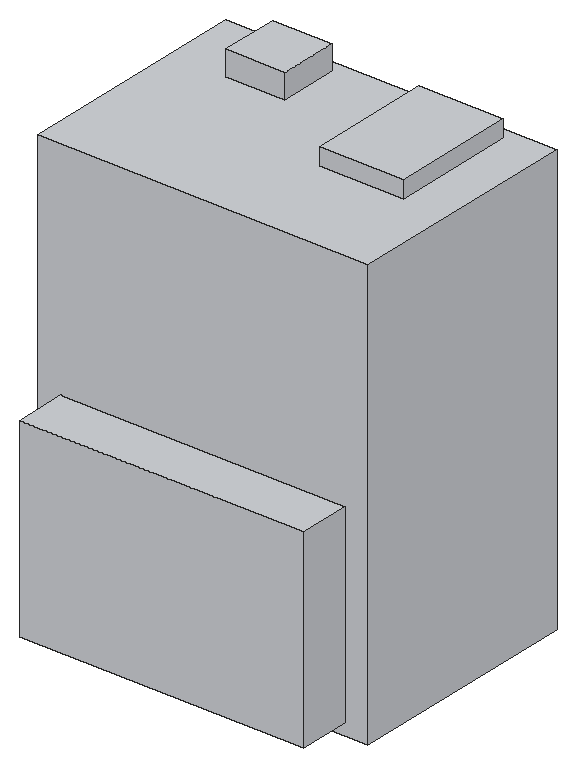
Revit family "2a212fdd4a4c4e039c102d63cd87ac6d", category Mechanical Equipment, Revit 2021
Family settings
  Round Connector Dimension = Use Radius
  Part Type = Normal
  OmniClass Number = 23.75.70.17.27
  OmniClass Title = Fan Coil Units
  Seek Item ID = Fan Coil Unit - Vertical - Belt Drive - DX-0000-USA-ENU
  Work Plane-Based = No
  Always vertical = Yes
  Cut with Voids When Loaded = No
  Shared = No
  Room Calculation Point = No
Parameters (values of type "600 CFM")
  Voltage = 120 V
  Unit Width = 1' - 8"
  Unit Length = 2' - 4 1/16"
  Unit Height = 3' - 0 1/2"
  Total Cooling Capacity = 19500 Btu/h
  Supply Air Width = 7 1/8"
  Supply Air Height = 10 9/16"
  Sensible Cooling Capacity = 14500 Btu/h
  Return Air Width = 24 1/16"
  Return Air Height = 16 7/16"
  Refrigerant Return Radius = 3/4"
  Refrigerant Return Diameter = Refrigerant Return Radius * 2  # 1 1/2"
  Number of Poles = 1
  Nominal Air Flow [instance] = 600 CFM
  Load Classification = Cooling
  Heating Water Pressure Drop [instance] = 0.00 psi
  Heating Water Flow [instance] = 2 GPM
  Heating Capacity = 46900 Btu/h
  External Static Pressure [instance] = 0.30 in-wg
  Refrigerant Supply Radius = 3/4"
  Refrigerant Pressure Drop [instance] = 11.30 psi
  Refrigerant Supply Diameter = Refrigerant Supply Radius * 2  # 1 1/2"
  Drain Flow [instance] = 0 GPM
  Default Elevation = 0' - 0"
  CFU Material = none
  C6 Offset 1 = 0' - 3 3/4"
  C4 Offset 2 = 0' - 7"
  C4 Offset 1 = 1' - 3 1/2"
  C3 Offset 2 = 0' - 3 1/2"
  C3 Offset 1 = 0' - 7"
  C2 Offset 2 = 1' - 0 3/4"
  C1 Offset 2 = 0' - 6 1/8"
  C1 Offset 1 = 0' - 5 15/16"
  Assembly Code = ""
  Apparent Load = 3413 VA
Types (8): name | Voltage | Unit Width | Unit Length | Unit Height | Total Cooling Capacity | Supply Air Width | Supply Air Height | Sensible Cooling Capacity | Return Air Width | Return Air Height | Refrigerant Return Radius | Refrigerant Return Diameter | Number of Poles | Nominal Air Flow | Heating Water Flow | Heating Capacity | Refrigerant Supply Radius | Refrigerant Pressure Drop | Refrigerant Supply Diameter | CFU Material | C6 Offset 1 | C4 Offset 2 | C4 Offset 1 | C3 Offset 2 | C3 Offset 1 | C2 Offset 2 | C1 Offset 2 | Apparent Load
  600 CFM | 120 V | 1' - 8" | 2' - 4 1/16" | 3' - 0 1/2" | 19500 Btu/h | 7 1/8" | 10 9/16" | 14500 Btu/h | 24 1/16" | 16 7/16" | 3/4" | 1 1/2" | 1 | 600 CFM | 2 GPM | 46900 Btu/h | 3/4" | 11.30 psi | 1 1/2" | none | 0' - 3 3/4" | 0' - 7" | 1' - 3 1/2" | 0' - 3 1/2" | 0' - 7" | 1' - 0 3/4" | 0' - 6 1/8" | 3413 VA
  800 CFM | 120 V | 1' - 8" | 2' - 4 1/16" | 3' - 0 1/2" | 24900 Btu/h | 8 9/16" | 10 9/16" | 18600 Btu/h | 24 1/16" | 16 7/16" | 3/4" | 1 1/2" | 1 | 800 CFM | 2 GPM | 46900 Btu/h | 3/4" | 20.10 psi | 1 1/2" | none | 0' - 3 3/4" | 0' - 7" | 1' - 3 1/2" | 0' - 3 1/2" | 0' - 7" | 1' - 0 3/4" | 0' - 6 1/8" | 3413 VA
  1000 CFM | 120 V | 1' - 10" | 3' - 1 1/16" | 3' - 3 3/8" | 34600 Btu/h | 7 1/2" | 11 11/16" | 24900 Btu/h | 33 1/16" | 18 3/16" | 3/4" | 1 1/2" | 1 | 1000 CFM | 2 GPM | 46900 Btu/h | 3/4" | 35.80 psi | 1 1/2" | none | 0' - 5 1/2" | 0' - 7" | 1' - 5 1/8" | 0' - 5 1/8" | 0' - 7" | 1' - 2 3/8" | 0' - 7 3/4" | 3413 VA
  1200 CFM | 120 V | 1' - 10" | 3' - 1 1/16" | 3' - 3 3/8" | 39800 Btu/h | 9 15/16" | 11 11/16" | 28900 Btu/h | 33 1/16" | 18 3/16" | 3/4" | 1 1/2" | 1 | 1200 CFM | 3 GPM | 68500 Btu/h | 3/4" | 51.50 psi | 1 1/2" | none | 0' - 5 1/2" | 0' - 7" | 1' - 5 1/8" | 0' - 5 1/8" | 0' - 7" | 1' - 2 3/8" | 0' - 7 3/4" | 5119.5 VA
  1600 CFM | 120 V | 1' - 10" | 3' - 11 1/16" | 3' - 3 3/8" | 54400 Btu/h | 13 5/16" | 12 11/16" | 39100 Btu/h | 43 1/16" | 18 3/16" | 1" | 2" | 1 | 1600 CFM | 3 GPM | 87700 Btu/h | 1" | 43.30 psi | 2" | none | 1' - 4 1/2" | 0' - 7" | 1' - 0" | 0' - 10 5/8" | 0' - 9 5/8" | 1' - 3 5/8" | 0' - 7 3/4" | 8532.5 VA
  2000 CFM | 120 V | 2' - 0" | 4' - 0 1/16" | 3' - 9 1/8" | 68600 Btu/h | 12 1/2" | 13 3/4" | 48900 Btu/h | 44 1/16" | 20 11/16" | 1" | 2" | 1 | 2000 CFM | 4 GPM | 104900 Btu/h | 1" | 72.50 psi | 2" | none | 1' - 5 13/16" | 0' - 7" | 1' - 1 5/16" | 0' - 11 15/16" | 0' - 9 5/8" | 1' - 6 3/16" | 0' - 7 13/16" | 11945.5 VA
  3000 CFM | 120 V | 2' - 4" | 4' - 0 1/16" | 4' - 6 3/16" | 102800 Btu/h | 15 7/8" | 13 3/4" | 73600 Btu/h | 44 1/16" | 28 15/16" | 1 1/2" | 3" | 1 | 3000 CFM | 6 GPM | 149200 Btu/h | 1 1/2" | 46.00 psi | 3" | none | 1' - 4 1/8" | 0' - 8" | 1' - 4 7/16" | 1' - 2 1/16" | 0' - 9 5/8" | 2' - 2 5/16" | 0' - 5 15/16" | 20478 VA
  4000 CFM | 208 V | 2' - 4" | 5' - 2 1/16" | 4' - 9 5/8" | 147900 Btu/h | 16 7/16" | 16 1/16" | 102700 Btu/h | 58 1/16" | 28 15/16" | 1 1/2" | 3" | 3 | 4000 CFM | 7 GPM | 182400 Btu/h | 1 1/2" | 112.70 psi | 3" | Air Infiltration Barrier | 1' - 10 7/8" | 0' - 8" | 1' - 4 7/16" | 1' - 2 1/16" | 0' - 9 5/8" | 2' - 2 5/16" | 0' - 5 15/16" | 20478 VA
Reference planes (in)
  plane 1 "Center (Front/Back)": y = 0
  plane 2: z = 0
  plane 3 "Center (Left/Right)": x = 0
  plane 4: x = 28.0625
  plane 5: y = 20
  plane 6: y = 19
  plane 7: x = 24.3125
  plane 8: x = 17.1875
  plane 9: y = 8.4375
  plane 10: z = 36.5
  plane 11: z = 1
  plane 12: x = 2
  plane 13: x = 26.0625
  plane 14: z = 17.4375
  plane 15: y = -4.375
  plane 16: z = 37.9375
  plane 17: z = 38.5625
  plane 18: x = 9.75
  plane 19: y = 14
  plane 20: x = 4.75
  plane 21: x = -1
  plane 22: z = 6.125
  plane 23: y = 5.9375
  plane 24: y = 2.6875
  plane 25: z = 12.75
  plane 26: y = 7
  plane 27: z = 3.5
  plane 28: y = 15.5
  plane 29: z = 7
  plane 30: y = 8.625
  plane 31: z = 1.625
Forms (in)
  Extrusion 1, solid, material <- "CFU Material"
    sketch origin (0, 0, 0) x (1, 0, 0) y (0, 1, 0)
      loop
        line (0, 20) -> (0, 0) -> (28.0625, 0) -> (28.0625, 20) -> (0, 20)
    from 0 to 36.5
  Extrusion 2, solid, material <- "CFU Material"
    sketch origin (0, 0, 0) x (1, 0, 0) y (0, 0, 1)
      loop
        line (2, 17.4375) -> (2, 1) -> (26.0625, 1) -> (26.0625, 17.4375) -> (2, 17.4375)
    from 0 to 4.375
  Extrusion 3, solid, material <- "CFU Material"
    sketch origin (0, 0, 0) x (1, 0, 0) y (0, 1, 0)
      loop
        line (17.1875, 19) -> (17.1875, 8.4375) -> (24.3125, 8.4375) -> (24.3125, 19) -> (17.1875, 19)
    from 36.5 to 37.9375
  Extrusion 4, solid, material <- "CFU Material"
    sketch origin (0, 0, 0) x (1, 0, 0) y (0, 1, 0)
      loop
        line (4.75, 19) -> (4.75, 14) -> (9.75, 14) -> (9.75, 19) -> (4.75, 19)
    from 36.5 to 38.5625
  Extrusion 5, solid, material <- "CFU Material"
    sketch origin (0, 0, 0) x (0, 1, 0) y (0, 0, 1)
      loop
        circle (5.9375, 6.125) r 0.75
    from -1 to 0
  Extrusion 6, solid, material <- "CFU Material"
    sketch origin (0, 0, 0) x (0, 1, 0) y (0, 0, 1)
      loop
        circle (2.6875, 12.75) r 0.75
    from -1 to 0
  Extrusion 7, solid, material <- "CFU Material"
    sketch origin (0, 0, 0) x (0, 1, 0) y (0, 0, 1)
      loop
        circle (7, 3.5) r 0.25
    from -1 to 0
  Extrusion 8, solid, material <- "CFU Material"
    sketch origin (0, 0, 0) x (0, 1, 0) y (0, 0, 1)
      loop
        circle (15.5, 7) r 0.25
    from -1 to 0
  Extrusion 9, solid, material <- "CFU Material"
    sketch origin (0, 0, 0) x (0, 1, 0) y (0, 0, 1)
      loop
        circle (8.625, 1.625) r 0.375
    from -1 to 0
Cuts and joins
  joined: Extrusion 1, Extrusion 2, Extrusion 3, Extrusion 4, Extrusion 5, Extrusion 6, Extrusion 7, Extrusion 8, Extrusion 9
Dimensions and locks (in)
  "Unit Length": plane 3 "Center (Left/Right)" to plane 4
  "Unit Width": plane 5 to plane 1 "Center (Front/Back)"
  locked: plane 5 to plane 6 at 1
  "C6 Offset 1": plane 7 to plane 4
  "Supply Air Width": plane 8 to plane 7
  "Supply Air Height": plane 6 to plane 9
  "Unit Height": plane 10 to plane 2
  locked: plane 11 to plane 2 at 1
  locked: plane 3 "Center (Left/Right)" to plane 12 at 2
  "Return Air Width": plane 13 to plane 12
  "Return Air Height": plane 14 to plane 11
  locked: plane 16 to plane 10 at 1.4375
  locked: plane 17 to plane 10 at 2.0625
  locked: plane 18 to plane 8 at 7.4375
  locked: plane 6 to plane 19 at 5
  locked: plane 20 to plane 18 at 5
  locked: plane 1 "Center (Front/Back)" to plane 15 at 4.375
  locked: plane 21 to plane 3 "Center (Left/Right)" at 1
  "C1 Offset 2": plane 2 to plane 22
  "C1 Offset 1": plane 23 to plane 1 "Center (Front/Back)"
  locked: plane 24 to plane 1 "Center (Front/Back)" at 2.6875
  "C2 Offset 2": plane 2 to plane 25
  "C3 Offset 1": plane 26 to plane 1 "Center (Front/Back)"
  "C3 Offset 2": plane 27 to plane 2
  "C4 Offset 1": plane 28 to plane 1 "Center (Front/Back)"
  "C4 Offset 2": plane 29 to plane 2
  locked: plane 30 to plane 1 "Center (Front/Back)" at 8.625
  locked: plane 31 to plane 2 at 1.625
  "Refrigerant Supply Radius": radius of Extrusion 5 sketch curve
  "Refrigerant Supply Radius": radius of Extrusion 6 sketch curve
  radius of Extrusion 8 sketch curve = 0' - 0 1/4"
  radius of Extrusion 9 sketch curve = 0' - 0 3/8"
  aligned and locked: plane 3 "Center (Left/Right)" to Extrusion 1 sketch curve
  aligned and locked: Extrusion 1 sketch curve to plane 1 "Center (Front/Back)"
  aligned and locked: Extrusion 1 sketch curve to plane 4
  aligned and locked: Extrusion 1 to plane 2
  aligned and locked: plane 10 to Extrusion 1
  aligned and locked: Extrusion 2 sketch curve to plane 14
  aligned and locked: Extrusion 2 sketch curve to plane 12
  aligned and locked: Extrusion 2 sketch curve to plane 13
  aligned and locked: plane 11 to Extrusion 2 sketch curve
  aligned and locked: Extrusion 2 to plane 1 "Center (Front/Back)"
  aligned and locked: Extrusion 2 to plane 15
  aligned and locked: Extrusion 3 sketch curve to plane 7
  aligned and locked: plane 9 to Extrusion 3 sketch curve
  aligned and locked: plane 8 to Extrusion 3 sketch curve
  aligned and locked: Extrusion 3 sketch curve to plane 6
  aligned and locked: plane 16 to Extrusion 3
  aligned and locked: Extrusion 3 to plane 10
  aligned and locked: Extrusion 4 sketch curve to plane 18
  aligned and locked: plane 19 to Extrusion 4 sketch curve
  aligned and locked: plane 20 to Extrusion 4 sketch curve
  aligned and locked: Extrusion 4 sketch curve to plane 6
  aligned and locked: plane 17 to Extrusion 4
  aligned and locked: Extrusion 4 to plane 10
  aligned and locked: plane 22 to Extrusion 5 sketch curve
  aligned and locked: plane 23 to Extrusion 5 sketch curve
  aligned and locked: plane 25 to Extrusion 6 sketch curve
  aligned and locked: Extrusion 6 sketch curve to plane 24
  aligned and locked: Extrusion 5 to plane 3 "Center (Left/Right)"
  aligned and locked: Extrusion 5 to plane 21
  aligned and locked: Extrusion 6 to plane 3 "Center (Left/Right)"
  aligned and locked: Extrusion 6 to plane 21
  aligned and locked: Extrusion 7 sketch curve to plane 27
  aligned and locked: plane 26 to Extrusion 7 sketch curve
  aligned and locked: Extrusion 7 to plane 21
  aligned and locked: plane 3 "Center (Left/Right)" to Extrusion 7
  aligned and locked: plane 29 to Extrusion 8 sketch curve
  aligned and locked: plane 28 to Extrusion 8 sketch curve
  aligned and locked: Extrusion 8 to plane 21
  aligned and locked: plane 3 "Center (Left/Right)" to Extrusion 8
  aligned and locked: plane 31 to Extrusion 9 sketch curve
  aligned and locked: plane 30 to Extrusion 9 sketch curve
  aligned and locked: Extrusion 9 to plane 21
  aligned and locked: plane 3 "Center (Left/Right)" to Extrusion 9
  aligned and locked: Extrusion 1 sketch curve to plane 5
Automatic sketch dimensions
  radius of Extrusion 7 sketch curve = 0' - 0 1/4"
Connectors (in)
  piping at (-1, 5.9375, 6.125), diameter 1.5, driven by "Refrigerant Supply Radius"
    settings: on cut or joined group 1 (Extrusion 1, Extrusion 2, Extrusion 3, Extrusion 4, Extrusion 5, Extrusion 6, Extrusion 7, Extrusion 8, Extrusion 9), index 1, connector inside diameter 1 1/2", connector length 0' - 0", flow factor 0, pipe flow 0 GPM, pressure drop 0.00 psi, fitting loss kfactor 0, connector angle 0.00°, fixture units 0, engagement length 0' - 0", angle of deflection 0.00°, flow configuration 1, flow direction 1, fitting loss method 0, system type 22, joint type 0, gender type 0, connector reference index 2, connector utility 0, adjustable connector no, is connector primary yes, connector description "Refrigerant,In"
  piping at (-1, 2.6875, 12.75), diameter 1.5, driven by "Refrigerant Return Radius"
    settings: on cut or joined group 1, index 2, connector inside diameter 1 1/2", connector length 0' - 0", flow factor 0, pipe flow 0 GPM, pressure drop 0.00 psi, fitting loss kfactor 0, connector angle 0.00°, fixture units 0, engagement length 0' - 0", angle of deflection 0.00°, flow configuration 1, flow direction 2, fitting loss method 0, system type 22, joint type 0, gender type 0, connector reference index 1, connector utility 0, adjustable connector no, is connector primary no, connector description "Refrigerant,Out"
  piping at (-1, 7, 3.5), diameter 0.5, driven by "Heating Water Flow"
    settings: on cut or joined group 1, index 3, connector inside diameter 1/2", connector length 0' - 0", flow factor 0, pipe flow 2 GPM, pressure drop 0.00 psi, fitting loss kfactor 0, connector angle 0.00°, fixture units 0, engagement length 0' - 0", angle of deflection 0.00°, flow configuration 1, flow direction 1, fitting loss method 4, system type 7, joint type 0, gender type 0, connector reference index 4, connector utility 0, adjustable connector no, is connector primary no, connector description "Heating Water,In"
  piping at (-1, 15.5, 7), diameter 0.5, driven by "Heating Water Flow", driven by "Heating Water Pressure Drop"
    settings: on cut or joined group 1, index 4, connector inside diameter 1/2", connector length 0' - 0", flow factor 0, pipe flow 2 GPM, pressure drop 0.00 psi, fitting loss kfactor 0, connector angle 0.00°, fixture units 0, engagement length 0' - 0", angle of deflection 0.00°, flow configuration 1, flow direction 2, fitting loss method 4, system type 8, joint type 0, gender type 0, connector reference index 3, connector utility 0, adjustable connector no, is connector primary no, connector description "Heating Water,Out"
  piping at (-1, 8.625, 1.625), diameter 0.75, driven by "Drain Flow"
    settings: on cut or joined group 1, index 5, connector inside diameter 3/4", connector length 0' - 0", flow factor 0, pipe flow 0 GPM, pressure drop 0.00 psi, fitting loss kfactor 0, connector angle 0.00°, fixture units 0, engagement length 0' - 0", angle of deflection 0.00°, flow configuration 1, flow direction 2, fitting loss method 0, system type 16, joint type 0, gender type 0, connector reference index -1, connector utility 0, adjustable connector yes, is connector primary no, connector description "Drain,Out"
  hvac at (20.75, 13.71875, 37.9375), driven by "Nominal Air Flow", driven by "Supply Air Height", driven by "Supply Air Width"
    settings: on Extrusion 3, index 6, duct flow 600 CFM, flow factor 0, pres drop 0.00 in-wg, loss coef 0, conn angle 0.00°, conn width 7 1/8", conn height 10 9/16", conn diameter 24", duct sys type 1, conn prof type 1, flow config 0, flow direction 2, loss method 0, conn ref index 7, conn util no, is conn primary yes, conn desc ""
  hvac at (14.03125, -4.375, 9.21875), driven by "Nominal Air Flow", driven by "Return Air Height", driven by "Return Air Width"
    settings: on cut or joined group 1, index 7, duct flow 600 CFM, flow factor 0, pres drop 0.00 in-wg, loss coef 0, conn angle 0.00°, conn width 24 1/16", conn height 16 7/16", conn diameter 24", duct sys type 2, conn prof type 1, flow config 0, flow direction 1, loss method 0, conn ref index 6, conn util no, is conn primary no, conn desc ""
  electrical at (7.25, 16.5, 38.5625), driven by "Apparent Load", driven by "Voltage", driven by "Number of Poles", driven by "Load Classification"
    settings: on Extrusion 4, index 8, voltage 120 V, apparent load 3413 VA, apparent load phase1 0 VA, apparent load phase2 0 VA, apparent load phase3 0 VA, power factor 0.8, load classification "Cooling", number of poles 1, system type 30, power factor state 1, is connector primary yes, connector utility no, sub classification motor no, connector description ""
